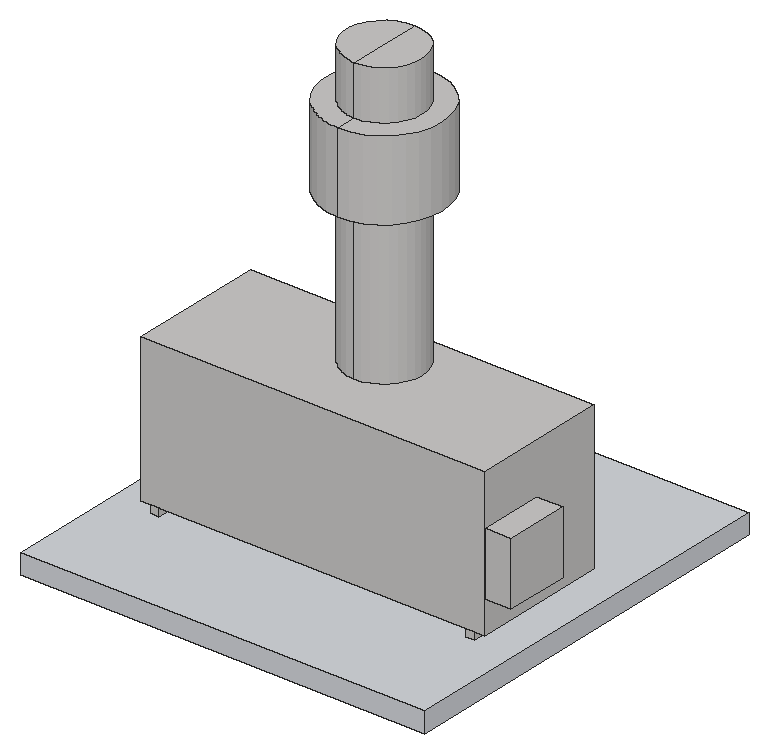
Revit family "DC_Rheem_PLM_Raypak_B1662HWT", category Plumbing Fixtures, host Face, Revit 2020
Family settings
  Host = Face
  Round Connector Dimension = Use Radius
  Part Type = Normal
  Cut with Voids When Loaded = No
  Shared = No
  Room Calculation Point = No
Parameters (values of type "Raypak - Gas Water Heater- Outdoor - 1657 MJ/h  Natural gas, modulating gas control")
  URL = "http://www.rheem.com.au/CommercialProducts"
  Type Comments = "Recovery 6364L/h @ 50°C rise\r\n"
  TopSmallDia_ANZRS = 455 mm
  TopH2_ANZRS = 480 mm
  TopH1_ANZRS = 300 mm
  TopBigDia_ANZRS = 700 mm
  Materials_ANZRS = Raypak - Grey Powder Coated Steel
  PRVadius_ANZRS = 15 mm
  PRVDist_ANZRS = 85 mm
  Model = "B1662NCM/HWT\r\n"
  Manufacturer = "Raypak\r\n"
  Length_ANZRS = 2070 mm
  HotWaterPipeDist_ANZRS = 155 mm
  HotWaterPipeRadius_ANZRS = 32.5 mm
  HotWaterPipeDiameter_ANZRS = HotWaterPipeRadius_ANZRS * 2  # 65 mm
  Height_ANZRS = 2640 mm
  GasPipeRadius_ANZRS = 25 mm
  GasPipeHeight_ANZRS = 410 mm
  GasPipeDist_ANZRS = 130 mm
  GasPipeDiameter_ANZRS = GasPipeRadius_ANZRS * 2  # 50 mm
  EleBoxWidth_ANZRS = 160 mm
  EleBoxHeightfromBase_ANZRS = 245 mm
  EleBoxHeight_ANZRS = 380 mm
  DesignBy_ANZRS = "Design Content ©"
  Description = "Raypak - Gas Water Heater- Outdoor - 1657 MJ/h  Natural gas, modulating gas control\r\n"
  Default Elevation = 0 mm  # constant formula
  ConnHeight_ANZRS = 755 mm
  ColdWaterPipeRadius_ANZRS = 32.5 mm
  ColdWaterPipeDisi_ANZRS = 280 mm
  ColdWaterPipeDiameter_ANZRS = ColdWaterPipeRadius_ANZRS * 2  # 65 mm
  BoxHeight_ANZRS = 930 mm
  BaseWidth_ANZRS = 50 mm
  BaseHeight_ANZRS = 45 mm
  BaseDist_ANZRS = 60 mm
  Author_ANZRS = "DM"
  Assembly Code = ""
Types (5, lengths in mm): name | URL | Type Comments | Model | GasPipeRadius_ANZRS | GasPipeDiameter_ANZRS | Description
  (no name) | "http://www.rheem.com.au/downloads/PDF/Raypak_Mechanical_Heating_Brochure_July_09.pdf\r\n" | "Recovery 6364L/h @ 50°C rise\r\n" | "B1662NCO/HWT\r\n\r\n" | 20 | 40 | "Raypak - Gas Water Heater- Outdoor - 1657 MJ/h  Natural gas, On/Off gas control\r\n"
  Raypak - Gas Water Heater- Outdoor - 1657 MJ/h  Natural gas, modulating gas control | "http://www.rheem.com.au/CommercialProducts" | "Recovery 6364L/h @ 50°C rise\r\n" | "B1662NCM/HWT\r\n" | 25 | 50 | "Raypak - Gas Water Heater- Outdoor - 1657 MJ/h  Natural gas, modulating gas control\r\n"
  Raypak - Gas Water Heater- Outdoor - 1657 MJ/h  Natural gas, On/Off gas control | "http://www.rheem.com.au/CommercialProducts" | "Recovery 6364L/h @ 50°C rise\r\n" | "B1662NCO/HWT\r\n\r\n" | 20 | 40 | "Raypak - Gas Water Heater- Outdoor - 1657 MJ/h  Natural gas, On/Off gas control\r\n"
  Raypak - Gas Water Heater- Outdoor - 1581 MJ/h  Propane gas, modulating gas control | "http://www.rheem.com.au/CommercialProducts" | "Recovery 6020L/h @ 50°C rise\r\n" | "B1662PCM/HWT\r\n" | 12.5 | 25 | "Raypak - Gas Water Heater- Outdoor - 1581 MJ/h  Propane gas, modulating gas control\r\n"
  Raypak - Gas Water Heater- Outdoor - 1581 MJ/h  Propane gas, On/Off gas control | "http://www.rheem.com.au/CommercialProducts" | "Recovery 6020L/h @ 50°C rise\r\n" | "B1662PCO/HWT\r\n" | 25 | 50 | "Raypak - Gas Water Heater- Outdoor - 1581 MJ/h  Propane gas, On/Off gas control\r\n"
Reference planes
  plane 1 "Center (Front/Back)": y = 0
  plane 2: z = 0
  plane 3 "Center (Left/Right)": x = 0
  plane 4: z = 45
  plane 5: x = -1035
  plane 6: x = 1035
  plane 7: x = 1195
  plane 8: z = 245
  plane 9: z = 930
  plane 10: x = -975
  plane 11: x = 975
  plane 12: x = -925
  plane 13: x = 925
  plane 14: y = 285
  plane 15: y = -540
  plane 16: z = 2640
  plane 17: z = 2340
  plane 18: z = 1860
  plane 19: y = 227.5
  plane 20: y = -227.5
  plane 21: y = 350
  plane 22: y = -350
  plane 23: z = 755
  plane 24: y = 200
  plane 25: y = 130
  plane 26: y = -150
  plane 27: y = -410
  plane 28: z = 410
  plane 29: z = 625
  plane 30: x = -227.5
  plane 31: x = 227.5
  plane 32: x = -350
  plane 33: x = 350
  plane 34: x = -1025
  plane 35: x = -1055
  plane 36: y = -152
Forms (mm)
  Extrusion 1, solid
    sketch origin (0, 0, 0) x (1, 0, 0) y (0, 1, 0)
      loop
        line (-1219.2, 1219.2) -> (-1219.2, -1219.2) -> (1219.2, -1219.2) -> (1219.2, 1219.2) -> (-1219.2, 1219.2)
    from 0 to -120
  Extrusion 2, solid, material "Raypak - Grey Powder Coated Steel" <- "Materials_ANZRS"
    sketch origin (0, 0, 0) x (1, 0, 0) y (0, 0, 1)
      loop
        line (-975, 45) -> (-975, 0) -> (-925, 0) -> (-925, 45) -> (-975, 45)
      loop
        line (925, 45) -> (925, 0) -> (975, 0) -> (975, 45) -> (925, 45)
    from -285 to 540
  Extrusion 3, solid, material "Raypak - Grey Powder Coated Steel" <- "Materials_ANZRS"
    sketch origin (0, 0, 0) x (1, 0, 0) y (0, 1, 0)
      loop
        line (-1035, 285) -> (-1035, -540) -> (1035, -540) -> (1035, 285) -> (-1035, 285)
    from 45 to 930
  Revolve 4, solid, material "Raypak - Grey Powder Coated Steel" <- "Materials_ANZRS"
    sketch origin (0, 0, 0) x (0, 1, 0) y (0, 0, 1)
      loop
        line (0, 2640) -> (-227.5, 2640) -> (-227.5, 2340) -> (-350, 2340) -> (-350, 1860) -> (-227.5, 1860) -> (-227.5, 930) -> (0, 930) -> (0, 2640)
      axis (0, 2640) -> (0, 930)
    angle from 0 to 360
  Extrusion 5, solid, material "Raypak - Grey Powder Coated Steel" <- "Materials_ANZRS"
    sketch origin (0, 0, 0) x (1, 0, 0) y (0, 0, 1)
      loop
        line (1035, 625) -> (1035, 245) -> (1195, 245) -> (1195, 625) -> (1035, 625)
    from 152 to 540
  Extrusion 6, void
    sketch origin (0, 0, 0) x (0, 1, 0) y (0, 0, 1)
      loop
        circle (200, 755) r 15
      loop
        circle (130, 755) r 32.5
      loop
        circle (-150, 755) r 32.5
    from -1035 to -1025
  Extrusion 7, solid, material "Raypak - Grey Powder Coated Steel" <- "Materials_ANZRS"
    sketch origin (0, 0, 0) x (0, 1, 0) y (0, 0, 1)
      loop
        circle (-410, 410) r 25
    from -1055 to -1035
Cuts and joins
  Extrusion 6 cuts Extrusion 3
  joined: Extrusion 3, Extrusion 7
Lines and regions (mm)
  Masking region 1
    outline origin (0, 0, 0) x (1, 0, 0) y (0, 1, 0)
      loop
        line (-1035, 285) -> (-1035, -395) -> (-1055, -395) -> (-1055, -425) -> (-1035, -425) -> (-1035, -540) -> (1195, -540) -> (1195, -152) -> (1035, -152) -> (1035, 285) -> (203.162, 285)
        arc (203.162, 285) -> (106.654, 333.354) -> (0, 350) r 350
        arc (0, 350) -> (-106.654, 333.354) -> (-203.162, 285) r 350
        line (-203.162, 285) -> (-1035, 285)
  Masking region 2
    outline origin (0, 0, 0) x (1, 0, 0) y (0, 0, 1)
      loop
        line (227.5, 2640) -> (-227.5, 2640) -> (-227.5, 2340) -> (-350, 2340) -> (-350, 1860) -> (-227.5, 1860) -> (-227.5, 930) -> (-1035, 930) -> (-1035, 425) -> (-1055, 425) -> (-1055, 395) -> (-1035, 395) -> (-1035, 45) -> (-975, 45) -> (-975, 0) -> (-925, 0) -> (-925, 45) -> (925, 45) -> (925, 0) -> (975, 0) -> (975, 45) -> (1035, 45) -> (1035, 245) -> (1195, 245) -> (1195, 625) -> (1035, 625) -> (1035, 930) -> (227.5, 930) -> (227.5, 1860) -> (350, 1860) -> (350, 2340) -> (227.5, 2340) -> (227.5, 2640)
  Masking region 3
    outline origin (0, 0, 0) x (0, 1, 0) y (0, 0, 1)
      loop
        line (227.5, 2640) -> (-227.5, 2640) -> (-227.5, 2340) -> (-350, 2340) -> (-350, 1860) -> (-227.5, 1860) -> (-227.5, 930) -> (-540, 930) -> (-540, 0) -> (285, 0) -> (285, 930) -> (227.5, 930) -> (227.5, 1860) -> (350, 1860) -> (350, 2340) -> (227.5, 2340) -> (227.5, 2640)
  symbolic lines, style "Rheem Raypak", detail levels fine
    curve 1: line (-350, 0, 2340) -> (-350, 0, 1860)
    curve 2: line (-350, 0, 1860) -> (350, 0, 1860)
    curve 3: line (-227.5, 0, 1860) -> (-227.5, 0, 930)
    curve 4: line (-227.5, 0, 2640) -> (-227.5, 0, 2340)
    curve 5: line (227.5, 0, 2640) -> (-227.5, 0, 2640)
    curve 6: line (227.5, 0, 2340) -> (227.5, 0, 2640)
    curve 7: line (350, 0, 2340) -> (-350, 0, 2340)
    curve 8: line (350, 0, 1860) -> (350, 0, 2340)
    curve 9: line (227.5, 0, 930) -> (227.5, 0, 1860)
    curve 10: line (1035, 0, 930) -> (-1035, 0, 930)
    curve 11: line (1035, 0, 45) -> (1035, 0, 930)
    curve 12: line (-1035, 0, 930) -> (-1035, 0, 45)
    curve 13: line (-1035, 0, 45) -> (1035, 0, 45)
    curve 14: line (-925, 0, 0) -> (-925, 0, 45)
    curve 15: line (-975, 0, 0) -> (-925, 0, 0)
    curve 16: line (-975, 0, 45) -> (-975, 0, 0)
    curve 17: line (975, 0, 0) -> (975, 0, 45)
    curve 18: line (925, 0, 45) -> (925, 0, 0)
    curve 19: line (925, 0, 0) -> (975, 0, 0)
    curve 20: line (1035, 0, 245) -> (1195, 0, 245)
    curve 21: line (1195, 0, 245) -> (1195, 0, 625)
    curve 22: line (1195, 0, 625) -> (1035, 0, 625)
    curve 23: line (-1055, 0, 395) -> (-1035, 0, 395)
    curve 24: line (-1055, 0, 425) -> (-1055, 0, 395)
    curve 25: line (-1035, 0, 425) -> (-1055, 0, 425)
    curve 26: line (0, -350, 2340) -> (0, 350, 2340)
    curve 27: line (0, -350, 1860) -> (0, 350, 1860)
    curve 28: line (0, 350, 1860) -> (0, 350, 2340)
    curve 29: line (0, -350, 2340) -> (0, -350, 1860)
    curve 30: line (0, -227.5, 2640) -> (0, -227.5, 2340)
    curve 31: line (0, 227.5, 2340) -> (0, 227.5, 2640)
    curve 32: line (0, -227.5, 2640) -> (0, 227.5, 2640)
    curve 33: line (0, -227.5, 1860) -> (0, -227.5, 930)
    curve 34: line (0, 227.5, 930) -> (0, 227.5, 1860)
    curve 35: line (0, 285, 930) -> (0, -540, 930)
    curve 36: line (0, -540, 930) -> (0, -540, 45)
    curve 37: line (0, 285, 45) -> (0, 285, 930)
    curve 38: line (0, -540, 45) -> (0, 285, 45)
    curve 39: line (0, 285, 0) -> (0, 285, 45)
    curve 40: line (0, -540, 45) -> (0, -540, 0)
    curve 41: line (0, -540, 0) -> (0, 285, 0)
    curve 42: arc (0, -182.5, 755) -> (0, -150, 722.5) -> (0, -117.5, 755) r 32.5
    curve 43: arc (0, -117.5, 755) -> (0, -150, 787.5) -> (0, -182.5, 755) r 32.5
    curve 44: arc (0, -385, 410) -> (0, -410, 385) -> (0, -435, 410) r 25
    curve 45: arc (0, -435, 410) -> (0, -410, 435) -> (0, -385, 410) r 25
    curve 46: arc (0, 97.5, 755) -> (0, 130, 722.5) -> (0, 162.5, 755) r 32.5
    curve 47: arc (0, 162.5, 755) -> (0, 130, 787.5) -> (0, 97.5, 755) r 32.5
    curve 48: arc (0, 185, 755) -> (0, 200, 740) -> (0, 215, 755) r 15
    curve 49: arc (0, 215, 755) -> (0, 200, 770) -> (0, 185, 755) r 15
    curve 50: arc (0, -350, 0) -> (-350, 0, 0) -> (0, 350, 0) r 350
    curve 51: arc (0, 350, 0) -> (350, 0, 0) -> (0, -350, 0) r 350
    curve 52: arc (0, 227.5, 0) -> (227.5, 0, 0) -> (0, -227.5, 0) r 227.5
    curve 53: arc (0, -227.5, 0) -> (-227.5, 0, 0) -> (0, 227.5, 0) r 227.5
    curve 54: line (1035, 285, 0) -> (205.662, 285, 0)
    curve 55: line (1035, -540, 0) -> (1035, 285, 0)
    curve 56: line (-1035, -540, 0) -> (1035, -540, 0)
    curve 57: line (-1035, 285, 0) -> (-1035, -540, 0)
    curve 58: line (1195, -152, 0) -> (1035, -152, 0)
    curve 59: line (1195, -540, 0) -> (1195, -152, 0)
    curve 60: line (1035, -540, 0) -> (1195, -540, 0)
    curve 61: line (-1055, -395, 0) -> (-1055, -425, 0)
    curve 62: line (-205.662, 285, 0) -> (-1035, 285, 0)
    curve 63: line (-1055, -395, 0) -> (-1035, -395, 0)
    curve 64: line (-1055, -425, 0) -> (-1035, -425, 0)
Dimensions and locks
  "BaseHeight_ANZRS": plane 4 to level
  equal spacing: plane 6, plane 3 "Center (Left/Right)", plane 5
  "Length_ANZRS": plane 5 to plane 6
  "EleBoxWidth_ANZRS": plane 6 to plane 7
  "EleBoxHeightfromBase_ANZRS": plane 8 to Extrusion 1
  "EleBoxHeight_ANZRS": plane 29 to plane 8
  "BaseDist_ANZRS": plane 10 to plane 5
  "BaseDist_ANZRS": plane 11 to plane 6
  "BaseWidth_ANZRS": plane 10 to plane 12
  "BaseWidth_ANZRS": plane 11 to plane 13
  plane 1 "Center (Front/Back)" to plane 15 = 540 mm
  plane 14 to plane 15 = 825 mm
  "Height_ANZRS": plane 16 to Extrusion 1
  "TopSmallDia_ANZRS": plane 19 to plane 20
  equal spacing: plane 19, plane 1 "Center (Front/Back)", plane 20
  equal spacing: plane 21, plane 1 "Center (Front/Back)", plane 22
  "TopBigDia_ANZRS": plane 21 to plane 22
  "ConnHeight_ANZRS": plane 23 to Extrusion 1
  "BoxHeight_ANZRS": plane 9 to Extrusion 1
  "PRVDist_ANZRS": plane 14 to plane 24
  "HotWaterPipeDist_ANZRS": plane 14 to plane 25
  "ColdWaterPipeDisi_ANZRS": plane 25 to plane 26
  "GasPipeDist_ANZRS": plane 27 to plane 15
  "GasPipeHeight_ANZRS": plane 28 to Extrusion 1
  "TopH1_ANZRS": plane 16 to plane 17
  "TopH2_ANZRS": plane 17 to plane 18
  equal spacing: plane 32, plane 3 "Center (Left/Right)", plane 33
  "TopSmallDia_ANZRS": plane 30 to plane 31
  equal spacing: plane 30, plane 3 "Center (Left/Right)", plane 31
  "TopBigDia_ANZRS": plane 32 to plane 33
  locked: plane 5 to plane 34 at 10
  locked: plane 35 to plane 5 at 20
  "ColdWaterPipeRadius_ANZRS": radius of Extrusion 6 sketch curve
  "HotWaterPipeRadius_ANZRS": radius of Extrusion 6 sketch curve
  "PRVadius_ANZRS": radius of Extrusion 6 sketch curve
  "GasPipeRadius_ANZRS": radius of Extrusion 7 sketch curve
  aligned and locked: plane 2 to Extrusion 1
  aligned and locked: level to Extrusion 1
  aligned and locked: Extrusion 2 sketch curve to plane 4  (x2)
  aligned and locked: Extrusion 2 sketch curve to plane 10
  aligned and locked: level to Extrusion 2 sketch curve  (x2)
  aligned and locked: plane 12 to Extrusion 2 sketch curve
  aligned and locked: plane 13 to Extrusion 2 sketch curve
  aligned and locked: plane 11 to Extrusion 2 sketch curve
  aligned and locked: plane 14 to Extrusion 3 sketch curve
  aligned and locked: plane 15 to Extrusion 3 sketch curve
  aligned and locked: plane 6 to Extrusion 3 sketch curve
  aligned and locked: plane 9 to Extrusion 3
  aligned and locked: Extrusion 3 to plane 4
  aligned and locked: Extrusion 2 to plane 15
  aligned and locked: Extrusion 2 to plane 14
  aligned and locked: plane 16 to Revolve 4 sketch curve
  aligned and locked: Revolve 4 sketch curve to plane 20
  aligned and locked: Revolve 4 sketch curve to plane 22
  aligned and locked: plane 9 to Revolve 4 sketch curve
  aligned and locked: Revolve 4 sketch curve to plane 1 "Center (Front/Back)"
  aligned and locked: Extrusion 5 sketch curve to plane 29
  aligned and locked: Extrusion 5 sketch curve to plane 6
  aligned and locked: plane 8 to Extrusion 5 sketch curve
  aligned and locked: plane 7 to Extrusion 5 sketch curve
  aligned: Extrusion 2 to Extrusion 5
  aligned and locked: Extrusion 5 to Extrusion 2
  aligned and locked: plane 24 to Extrusion 6 sketch curve
  aligned and locked: plane 23 to Extrusion 6 sketch curve  (x3)
  aligned and locked: plane 25 to Extrusion 6 sketch curve
  aligned and locked: plane 26 to Extrusion 6 sketch curve
  aligned and locked: Extrusion 3 to plane 5
  aligned and locked: Extrusion 6 to plane 5
  aligned and locked: Extrusion 6 to plane 34
  aligned and locked: plane 28 to Extrusion 7 sketch curve
  aligned and locked: plane 27 to Extrusion 7 sketch curve
  aligned and locked: plane 35 to Extrusion 7
  aligned: Extrusion 7 to plane 34
  aligned and locked: plane 5 to Extrusion 7
  aligned and locked: Masking region 1 sketch curve to cut or joined group of Extrusion 3, Extrusion 6, Extrusion 7  (x2)
  aligned and locked: Masking region 1 sketch curve to Extrusion 5  (x2)
  aligned and locked: cut or joined group of Extrusion 3, Extrusion 6, Extrusion 7 to Masking region 1 sketch curve
  aligned and locked: Masking region 1 sketch curve to Revolve 4  (x2)
  aligned and locked: Masking region 2 sketch curve to plane 31
  aligned and locked: Masking region 2 sketch curve to plane 30
  aligned and locked: Masking region 2 sketch curve to plane 16
  aligned and locked: Masking region 2 sketch curve to plane 17
  aligned and locked: Masking region 2 sketch curve to plane 18
  aligned and locked: plane 33 to Masking region 2 sketch curve
  aligned and locked: Masking region 2 sketch curve to plane 32
  aligned and locked: Masking region 2 sketch curve to plane 9
  aligned and locked: plane 6 to Masking region 2 sketch curve
  aligned and locked: Masking region 2 sketch curve to plane 29
  aligned and locked: Masking region 2 sketch curve to plane 8
  aligned and locked: plane 7 to Masking region 2 sketch curve
  aligned and locked: cut or joined group of Extrusion 3, Extrusion 6, Extrusion 7 to Masking region 2 sketch curve
  aligned and locked: Masking region 2 sketch curve to plane 5
  aligned and locked: Extrusion 1 to Masking region 2 sketch curve  (x2)
  aligned and locked: plane 16 to Masking region 3 sketch curve
  aligned and locked: plane 17 to Masking region 3 sketch curve
  aligned and locked: Masking region 3 sketch curve to plane 22
  aligned and locked: Masking region 3 sketch curve to plane 21
  aligned and locked: plane 19 to Masking region 3 sketch curve
  aligned and locked: Masking region 3 sketch curve to plane 20
  aligned and locked: plane 9 to Masking region 3 sketch curve
  aligned and locked: Masking region 3 sketch curve to plane 15
  aligned and locked: plane 14 to Masking region 3 sketch curve
  aligned and locked: Extrusion 1 to Masking region 3 sketch curve
  aligned and locked: plane 18 to Masking region 3 sketch curve
  aligned and locked: Masking region 2 sketch curve to plane 12
  aligned and locked: Masking region 2 sketch curve to plane 10
  aligned and locked: Masking region 2 sketch curve to plane 11
  aligned and locked: plane 13 to Masking region 2 sketch curve
  aligned and locked: Masking region 2 sketch curve to plane 4  (x3)
  aligned and locked: curve 1 to Masking region 2
  aligned and locked: curve 2 to Masking region 2
  aligned and locked: curve 3 to Masking region 2
  aligned and locked: curve 4 to Masking region 2
  aligned and locked: curve 5 to Masking region 2
  aligned and locked: curve 6 to Masking region 2
  aligned and locked: curve 7 to Masking region 2
  aligned and locked: curve 8 to Masking region 2
  aligned and locked: curve 9 to Masking region 2
  aligned and locked: curve 10 to cut or joined group of Extrusion 3, Extrusion 6, Extrusion 7
  aligned and locked: curve 11 to cut or joined group of Extrusion 3, Extrusion 6, Extrusion 7
  aligned and locked: curve 12 to cut or joined group of Extrusion 3, Extrusion 6, Extrusion 7
  aligned and locked: curve 13 to cut or joined group of Extrusion 3, Extrusion 6, Extrusion 7
  aligned and locked: curve 14 to Extrusion 2
  aligned and locked: curve 15 to Extrusion 2
  aligned and locked: curve 16 to Extrusion 2
  aligned and locked: curve 17 to Extrusion 2
  aligned and locked: curve 18 to Extrusion 2
  aligned and locked: curve 19 to Extrusion 2
  aligned and locked: curve 20 to Extrusion 5
  aligned and locked: curve 21 to Extrusion 5
  aligned and locked: curve 22 to Extrusion 5
  aligned and locked: curve 23 to Masking region 2
  aligned and locked: cut or joined group of Extrusion 3, Extrusion 6, Extrusion 7 to curve 24
  aligned and locked: curve 25 to Masking region 2
  aligned and locked: curve 26 to Revolve 4
  aligned and locked: curve 27 to Revolve 4
  aligned and locked: curve 28 to Masking region 3
  aligned and locked: curve 29 to Masking region 3
  aligned and locked: curve 30 to Masking region 3
  aligned and locked: curve 31 to Masking region 3
  aligned and locked: curve 32 to Revolve 4
  aligned and locked: curve 33 to Masking region 3
  aligned and locked: curve 34 to Masking region 3
  aligned and locked: curve 35 to cut or joined group of Extrusion 3, Extrusion 6, Extrusion 7
  aligned and locked: curve 36 to cut or joined group of Extrusion 3, Extrusion 6, Extrusion 7
  aligned and locked: curve 37 to cut or joined group of Extrusion 3, Extrusion 6, Extrusion 7
  aligned and locked: curve 38 to cut or joined group of Extrusion 3, Extrusion 6, Extrusion 7
  aligned and locked: curve 39 to Extrusion 2
  aligned and locked: curve 40 to Extrusion 2
  aligned and locked: curve 41 to Extrusion 2
  aligned and locked: curve 48 to cut or joined group of Extrusion 3, Extrusion 6, Extrusion 7
  aligned and locked: curve 49 to cut or joined group of Extrusion 3, Extrusion 6, Extrusion 7
  aligned and locked: curve 50 to Revolve 4
  aligned and locked: curve 51 to Revolve 4
  aligned and locked: curve 52 to Revolve 4
  aligned and locked: curve 53 to Revolve 4
  aligned and locked: curve 54 to cut or joined group of Extrusion 3, Extrusion 6, Extrusion 7
  aligned and locked: curve 55 to cut or joined group of Extrusion 3, Extrusion 6, Extrusion 7
  aligned and locked: curve 56 to cut or joined group of Extrusion 3, Extrusion 6, Extrusion 7
  aligned and locked: curve 57 to cut or joined group of Extrusion 3, Extrusion 6, Extrusion 7
  aligned and locked: curve 59 to Extrusion 5
  aligned and locked: curve 60 to Extrusion 5
  aligned and locked: cut or joined group of Extrusion 3, Extrusion 6, Extrusion 7 to curve 61
  aligned and locked: curve 47 to cut or joined group of Extrusion 3, Extrusion 6, Extrusion 7
  aligned and locked: curve 43 to cut or joined group of Extrusion 3, Extrusion 6, Extrusion 7
  aligned and locked: curve 45 to cut or joined group of Extrusion 3, Extrusion 6, Extrusion 7
  aligned and locked: plane 36 to Masking region 1 sketch curve
  aligned and locked: Extrusion 5 to Masking region 1
Automatic sketch dimensions
  Extrusion 1 sketch curve to Extrusion 1 sketch curve = 2438.4 mm  (x2)
  Revolve 4 sketch curve to plane 1 "Center (Front/Back)" = 0 mm
  Revolve 4 sketch curve to plane 16 = 51.193 mm
  Revolve 4 sketch curve to level = 2207.352 mm
  Revolve 4 sketch curve to plane 18 = 0 mm
  Revolve 4 sketch curve to plane 20 = 0 mm
  Revolve 4 sketch curve to plane 17 = 0 mm
  Extrusion 3 sketch curve to plane 5 = 0 mm
  plane 27 to Masking region 1 sketch curve = 15 mm
  Masking region 1 sketch curve to plane 27 = 15 mm
  Masking region 1 sketch curve to plane 5 = 0 mm
  plane 14 to Masking region 1 sketch curve = 0 mm
  plane 30 to Masking region 2 sketch curve = 0 mm
  Masking region 2 sketch curve to plane 18 = 0 mm
  Masking region 2 sketch curve to plane 31 = 0 mm
  Masking region 2 sketch curve to plane 9 = 0 mm
  Masking region 2 sketch curve to plane 17 = 0 mm
  Masking region 2 sketch curve to plane 28 = 15 mm
  Masking region 2 sketch curve to plane 5 = 0 mm
  plane 28 to Masking region 2 sketch curve = 15 mm
  Masking region 3 sketch curve to plane 19 = 0 mm
  Masking region 3 sketch curve to plane 17 = 0 mm
  Masking region 3 sketch curve to plane 20 = 0 mm
  Masking region 3 sketch curve to plane 18 = 0 mm
  Masking region 3 sketch curve to plane 9 = 0 mm
  plane 6 to Masking region 2 sketch curve = 0 mm
  curve 3 to plane 9 = 0 mm
  curve 4 to plane 16 = 0 mm
  curve 5 to plane 31 = 0 mm
  curve 7 to plane 33 = 0 mm
  curve 8 to plane 18 = 0 mm
  curve 10 to plane 5 = 0 mm
  plane 6 to curve 10 = 0 mm
  curve 11 to plane 4 = 0 mm
  curve 14 to level = 0 mm
  plane 12 to curve 14 = 0 mm
  plane 10 to curve 15 = 0 mm
  curve 17 to level = 0 mm
  plane 11 to curve 17 = 0 mm
  curve 18 to plane 13 = 0 mm
  plane 7 to curve 20 = 0 mm
  curve 20 to plane 8 = 0 mm
  curve 21 to plane 29 = 0 mm
  plane 35 to curve 23 = 0 mm
  curve 23 to plane 28 = 15 mm
  plane 28 to curve 24 = 15 mm
  curve 9 to plane 31 = 0 mm
  plane 30 to curve 3 = 0 mm
  plane 32 to curve 1 = 0 mm
  plane 30 to curve 4 = 0 mm
  curve 1 to plane 17 = 0 mm
  curve 27 to plane 18 = 0 mm
  curve 27 to plane 22 = 0 mm
  curve 26 to plane 17 = 0 mm
  curve 27 to plane 21 = 0 mm
  curve 30 to plane 20 = 0 mm
  curve 31 to plane 19 = 0 mm
  curve 31 to plane 16 = 0 mm
  curve 33 to plane 20 = 0 mm
  curve 33 to plane 9 = 0 mm
  curve 34 to plane 19 = 0 mm
  curve 35 to plane 15 = 0 mm
  curve 35 to plane 14 = 0 mm
  curve 37 to plane 4 = 0 mm
  curve 40 to level = 0 mm
  curve 48 to plane 23 = 0 mm
  curve 49 to plane 24 = 0 mm
  plane 24 to curve 48 = 15 mm
  Masking region 1 sketch curve to plane 6 = 0 mm
  curve 61 to plane 35 = 0 mm
  curve 62 to plane 5 = 0 mm
  plane 14 to curve 62 = 0 mm
  plane 14 to curve 54 = 0 mm
  curve 58 to plane 6 = 0 mm
  curve 60 to plane 7 = 0 mm
  curve 56 to plane 15 = 0 mm
  curve 58 to plane 36 = 0 mm
  plane 14 to curve 59 = 437 mm
  curve 62 to plane 30 = 21.838 mm
  curve 54 to plane 31 = 21.838 mm
  plane 27 to curve 64 = 15 mm
  curve 63 to plane 27 = 15 mm
Connectors
  piping at (-1035, 200, 755), diameter 30, driven by "PRVadius_ANZRS"
    settings: on cut or joined group of Extrusion 3, Extrusion 6, Extrusion 7, index 1, connector inside diameter 1.1811", connector length 0 mm, flow factor 0, pipe flow 0 GPM, pressure drop 0.00 psi, fitting loss kfactor 0, connector angle 0.00°, fixture units 0, engagement length 0 mm, angle of deflection 0.00°, flow configuration 1, flow direction 2, fitting loss method 0, system type 22, joint type 0, gender type 0, connector reference index -1, connector utility 0, adjustable connector no, is connector primary yes, connector description "PRV"
  piping at (-1035, 130, 755), diameter 65, driven by "HotWaterPipeRadius_ANZRS"
    settings: on cut or joined group of Extrusion 3, Extrusion 6, Extrusion 7, index 2, connector inside diameter 2.55906", connector length 0 mm, flow factor 0, pipe flow 0 GPM, pressure drop 0.00 psi, fitting loss kfactor 0, connector angle 0.00°, fixture units 0, engagement length 0 mm, angle of deflection 0.00°, flow configuration 1, flow direction 2, fitting loss method 0, system type 19, joint type 0, gender type 0, connector reference index -1, connector utility 0, adjustable connector no, is connector primary no, connector description ""
  piping at (-1035, -150, 755), diameter 65, driven by "ColdWaterPipeRadius_ANZRS"
    settings: on cut or joined group of Extrusion 3, Extrusion 6, Extrusion 7, index 3, connector inside diameter 2.55906", connector length 0 mm, flow factor 0, pipe flow 0 GPM, pressure drop 0.00 psi, fitting loss kfactor 0, connector angle 0.00°, fixture units 0, engagement length 0 mm, angle of deflection 0.00°, flow configuration 1, flow direction 1, fitting loss method 0, system type 20, joint type 0, gender type 0, connector reference index -1, connector utility 0, adjustable connector no, is connector primary no, connector description ""
  piping at (-1055, -410, 410), diameter 50, driven by "GasPipeRadius_ANZRS"
    settings: on cut or joined group of Extrusion 3, Extrusion 6, Extrusion 7, index 4, connector inside diameter 1.5748", connector length 0 mm, flow factor 0, pipe flow 0 GPM, pressure drop 0.00 psi, fitting loss kfactor 0, connector angle 0.00°, fixture units 0, engagement length 0 mm, angle of deflection 0.00°, flow configuration 1, flow direction 1, fitting loss method 0, system type 22, joint type 0, gender type 0, connector reference index -1, connector utility 0, adjustable connector no, is connector primary no, connector description "Gas"
